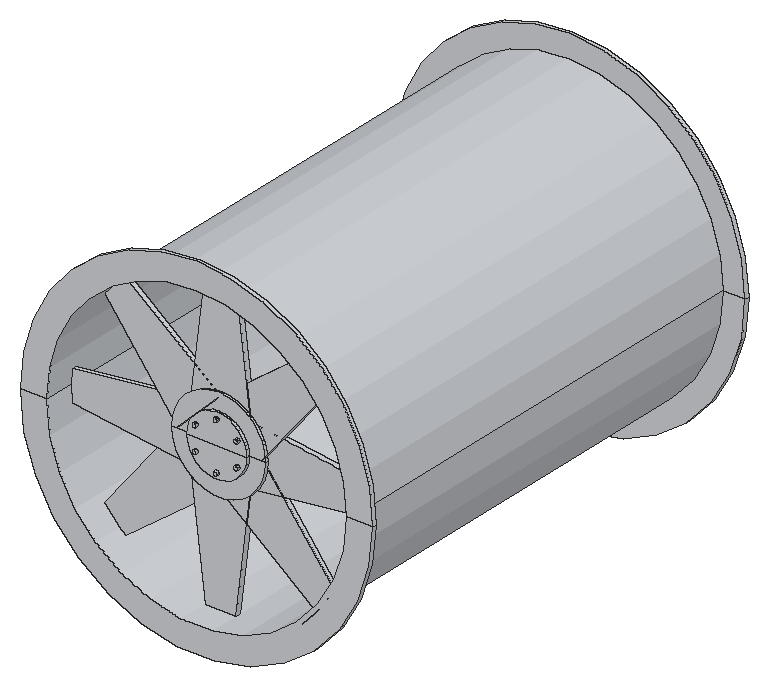
Revit family "CADS_Vent-Axia_MechEquip_Fan_BIFA_400_1Ph2P - EXTRACT", category Mechanical Equipment, Revit 2020
Family settings
  Round Connector Dimension = Use Diameter
  Part Type = Normal
  OmniClass Number = 23.75.00.00
  OmniClass Title = Climate Control (HVAC)
  Work Plane-Based = No
  Always vertical = Yes
  Cut with Voids When Loaded = No
  Shared = No
  Room Calculation Point = No
Parameters (values of type "BIFA401232")
  WorkingPressure = 0.0 Pa
  WarrantyStartDate [instance] = "1900-12-31T23:59:59"
  WarrantyPeriod = ""
  WarrantyIdentifier = "N/A"
  WarrantyGuarantorParts = "tech@vent-axia.com"
  WarrantyGuarantorLabor = "tech@vent-axia.com"
  WarrantyGuarantor = "Vent-Axia Limited"
  WarrantyEndDate [instance] = "1900-12-31T23:59:59"
  WarrantyContent = ""
  TemperatureRange = ""
  TagNumber [instance] = "N/A"
  SustainabilityPerformance = ""
  Status = "New"
  Size = ""
  Shape = ""
  ServiceLifeType = ""
  ServiceLifeDuration = ""
  SerialNumber [instance] = "N/A"
  ReplacementCost = ""
  RatedVoltage = 0 V
  RatedCurrent = 0 A
  Quantity = 1
  ProductionYear = ""
  PressureCurve = ""
  PowerFactor = ""
  PointOfContact = ""
  NumberOfPoles = 0
  NominalWidth = 400 mm
  NominalLength = 625 mm
  NominalHeight = 400 mm
  NominalFrequencyRange = ""
  NominalDiameter = 400 mm
  ModelReference = "BIF 400MM 1PH 2P 32DEG"
  ModelNumber = "BIFA401232"
  Material = ""
  ManufacturerE-Mail = "tech@vent-axia.com"
  ManufacturerAddress = "Fleming Way\nCrawley \nRH10 9YX"
  IsExtendedWarranty = no
  InsulationStandardClass = ""
  InstallationDate [instance] = "1900-12-31T23:59:59"
  IfcExportType [instance] = ""
  IfcExportAs = "IfcFanType"
  IP_Code = ""
  HasProtectiveEarth = no
  GrossWeight = 0.00 kg
  Grade = ""
  GlobalTradeItemNumber [instance] = "N/A"
  Fitting Type = "Ignore"
  Finish = ""
  Features = ""
  ExteriorInsulation = no
  ExpectedServiceLife = 0
  Exclusions = ""
  DurationUnit = "Year"
  Default Elevation = 0 mm
  Constituents = ""
  ConductorFunction = ""
  Color = ""
  CodePerformance = ""
  Category = ""
  CADS_Usage = 0
  CADS_Index = 0
  AssetType = "FIXED"
  AssetIdentifier [instance] = "N/A"
  AssemblyPlace = "UNKNOWN"
  ArticleNumber [instance] = "N/A"
  AirflowRateRange = 0.0 L/s
  Air Flow [instance] = 0.0 L/s
  AccessibilityPerformance = ""
Types (11, lengths in mm): name | ModelReference | ModelNumber
  BIFA401210 | "BIF 400MM 1PH 2P 10DEG" | "BIFA401210"
  BIFA401212 | "BIF 400MM 1PH 2P 12DEG" | "BIFA401212"
  BIFA401214 | "BIF 400MM 1PH 2P 14DEG" | "BIFA401214"
  BIFA401216 | "BIF 400MM 1PH 2P 16DEG" | "BIFA401216"
  BIFA401218 | "BIF 400MM 1PH 2P 18DEG" | "BIFA401218"
  BIFA401220 | "BIF 400MM 1PH 2P 20DEG" | "BIFA401220"
  BIFA401224 | "BIF 400MM 1PH 2P 24DEG" | "BIFA401224"
  BIFA401226 | "BIF 400MM 1PH 2P 26DEG" | "BIFA401226"
  BIFA401228 | "BIF 400MM 1PH 2P 28DEG" | "BIFA401228"
  BIFA401230 | "BIF 400MM 1PH 2P 30DEG" | "BIFA401230"
  BIFA401232 | "BIF 400MM 1PH 2P 32DEG" | "BIFA401232"
Reference planes
  plane 1 "Center (Front/Back)": y = 0
  plane 2: z = 0
  plane 3 "Center (Left/Right)": x = 0
  plane 4: x = -200
  plane 5: x = 200
  plane 6 "F": y = -312.5
  plane 7 "B": y = 312.5
  plane 8: x = -235
  plane 9: y = 307.5
  plane 10: y = -307.5
  plane 11: x = -205
  plane 12: y = -272.5
Forms (mm)
  Revolve 1, solid
    sketch origin (0, 0, 0) x (1, 0, 0) y (0, 1, 0)
      loop
        line (-235, -312.5) -> (-200, -312.5) -> (-200, 312.5) -> (-235, 312.5) -> (-235, 307.5) -> (-205, 307.5) -> (-205, -307.5) -> (-235, -307.5) -> (-235, -312.5)
      axis (0, 312.5) -> (0, -312.5)
    angle from 0 to 360
Dimensions and locks
  equal spacing: plane 4, plane 3 "Center (Left/Right)", plane 5
  equal spacing: plane 7 "B", plane 1 "Center (Front/Back)", plane 6 "F"
  "NominalLength": plane 7 "B" to plane 6 "F"
  "NominalDiameter": plane 4 to plane 5
  locked: plane 11 to plane 4 at 5
  locked: plane 8 to plane 11 at 30
  locked: plane 6 "F" to plane 10 at 5
  locked: plane 7 "B" to plane 9 at 5
  locked: plane 6 "F" to plane 12 at 40
  aligned and locked: level to plane 2
  aligned and locked: nested 1 to plane 12
Automatic sketch dimensions
  plane 6 "F" to Revolve 1 sketch curve = 0 mm
  Revolve 1 sketch curve to plane 8 = 0 mm  (x2)
  plane 10 to Revolve 1 sketch curve = 0 mm
  Revolve 1 sketch curve to plane 11 = 0 mm
  Revolve 1 sketch curve to plane 4 = 0 mm
  Revolve 1 sketch curve to plane 3 "Center (Left/Right)" = 0 mm
  plane 1 "Center (Front/Back)" to Revolve 1 sketch curve = 0 mm
  Revolve 1 sketch curve to plane 9 = 0 mm
  Revolve 1 sketch curve to plane 7 "B" = 0 mm
  plane 6 "F" to Revolve 1 sketch curve = 115 mm
Nested families
  nested 1: "Fan for BIFA" at (0, -272.5, 0), ND <- "NominalDiameter", type "Fan for BIFA"
    with hub 40 mm, ND 400 mm, BoltPCD 32 mm, Bolt Count 6, B_Diam 5 mm
  nested 2: "Bolts" at (27.713, -281.672, -16) x (-0.5, 0, -0.866) z (0, 1, 0), type "Bolts"
    with bd 5 mm
  nested 3: "Bolts" at (0, -281.672, -32) x (-1, 0, 0) z (0, 1, 0), type "Bolts"
    with bd 5 mm
  nested 4: "Bolts" at (-27.713, -281.672, -16) x (-0.5, 0, 0.866) z (0, 1, 0), type "Bolts"
    with bd 5 mm
  nested 5: "Bolts" at (-27.713, -281.672, 16) x (0.5, 0, 0.866) z (0, 1, 0), type "Bolts"
    with bd 5 mm
  nested 6: "Bolts" at (27.713, -281.672, 16) x (0.5, 0, -0.866) z (0, 1, 0), type "Bolts"
    with bd 5 mm
  nested 7: "Bolts" at (0, -281.672, 32) x (1, 0, 0) z (0, 1, 0), type "Bolts"
    with bd 5 mm
  nested 8: "BIFA Blade" at (0, -272.5, 0), type "BIFA Blade"
    with a 20.00°, HR 40 mm, HD 80 mm, BT 40 mm, BR 160 mm, BH 40 mm, BD 400 mm, BB 80 mm
  nested 9: "BIFA Blade" at (0, -272.5, 0) x (0.7071, 0, -0.7071) z (0.7071, 0, 0.7071), type "BIFA Blade"
    with a 20.00°, HR 40 mm, HD 80 mm, BT 40 mm, BR 160 mm, BH 40 mm, BD 400 mm, BB 80 mm
  nested 10: "BIFA Blade" at (0, -272.5, 0) x (0, 0, -1) z (1, 0, 0), type "BIFA Blade"
    with a 20.00°, HR 40 mm, HD 80 mm, BT 40 mm, BR 160 mm, BH 40 mm, BD 400 mm, BB 80 mm
  nested 11: "BIFA Blade" at (0, -272.5, 0) x (-0.7071, 0, -0.7071) z (0.7071, 0, -0.7071), type "BIFA Blade"
    with a 20.00°, HR 40 mm, HD 80 mm, BT 40 mm, BR 160 mm, BH 40 mm, BD 400 mm, BB 80 mm
  nested 12: "BIFA Blade" at (0, -272.5, 0) x (-1, 0, 0) z (0, 0, -1), type "BIFA Blade"
    with a 20.00°, HR 40 mm, HD 80 mm, BT 40 mm, BR 160 mm, BH 40 mm, BD 400 mm, BB 80 mm
  nested 13: "BIFA Blade" at (0, -272.5, 0) x (-0.7071, 0, -0.7071) z (-0.7071, 0, 0.7071), type "BIFA Blade"
    with a 20.00°, HR 40 mm, HD 80 mm, BT 40 mm, BR 160 mm, BH 40 mm, BD 400 mm, BB 80 mm
  nested 14: "BIFA Blade" at (0, -272.5, 0) x (0, 0, -1) z (-1, 0, 0), type "BIFA Blade"
    with a 20.00°, HR 40 mm, HD 80 mm, BT 40 mm, BR 160 mm, BH 40 mm, BD 400 mm, BB 80 mm
  nested 15: "BIFA Blade" at (0, -272.5, 0) x (0.7071, 0, -0.7071) z (-0.7071, 0, -0.7071), type "BIFA Blade"
    with a 20.00°, HR 40 mm, HD 80 mm, BT 40 mm, BR 160 mm, BH 40 mm, BD 400 mm, BB 80 mm
Connectors
  hvac at (0, -312.5, 0), driven by "NominalDiameter", driven by "Air Flow"
    settings: on Revolve 1, index 1, duct flow 0.0 L/s, flow factor 0, pres drop 0.0 Pa, loss coef 0, conn angle 0.00°, conn width 304.8 mm, conn height 304.8 mm, conn diameter 400 mm, duct sys type 2, conn prof type 0, flow config 0, flow direction 1, loss method 0, conn ref index -1, conn util no, is conn primary yes, conn desc ""
  hvac at (0, 312.5, 0), driven by "NominalDiameter", driven by "Air Flow"
    settings: on Revolve 1, index 2, duct flow 0.0 L/s, flow factor 0, pres drop 0.0 Pa, loss coef 0, conn angle 0.00°, conn width 304.8 mm, conn height 304.8 mm, conn diameter 400 mm, duct sys type 3, conn prof type 0, flow config 1, flow direction 2, loss method 0, conn ref index -1, conn util no, is conn primary no, conn desc ""
Definition of nested family "Fan for BIFA"
  Parameters (values of type "Fan for BIFA")
    hub [instance] = ND / 10  # 50 mm
    ND [instance] = 500 mm
    Model = "."
    Default Elevation = 0 mm
    BoltPCD [instance] = hub - (hub * 0.2)  # 40 mm
    Bolt Count [instance] = if(hub < 50 mm, 6, 8)  # 8
    B_Diam [instance] = if(hub < 50 mm, 5 mm, 10 mm)  # 10 mm
  Reference planes
    plane 1 "Center (Front/Back)": y = 0
    plane 2: z = 0
    plane 3 "Center (Left/Right)": x = 0
    plane 4 "back": y = 20
    plane 5 "bolts": y = -9.172
    plane 6 "B": z = 50
    plane 7: x = -72.587
    plane 8: x = -50
    plane 9 "hubface": y = -6.172
  Forms (mm)
    Revolve 1, solid
      sketch origin (0, 0, 0) x (1, 0, 0) y (0, 1, 0)
        loop
          line (0, 20) -> (-50, 20) -> (-50, 10.504) -> (-72.587, 10.504) -> (-72.587, -2.597) -> (-50, -2.597) -> (-50, -6.172) -> (0, -6.172) -> (0, 20)
        axis (0, 20) -> (0, -6.172)
      angle from 0 to 360
    Extrusion 2, solid, not visible
      sketch origin (0, -6.347, -4) x (-1, 0, 0) y (0, 0, 1)
        loop
          circle (0, 84) r 5
      from 0 to 3
  Lines and regions (mm)
    symbolic lines
      curve 1: circle (0, -9.172, 0) r 40 normal (0, 1, 0)
    model lines, not visible
      curve 2: line (0, -6.347, 85) -> (0, -6.347, 75)
  Dimensions and locks
    "hub": plane 6 "B" to plane 2
    "hub": nested 3 to plane 3 "Center (Left/Right)"
    "hub": nested 4 to plane 3 "Center (Left/Right)"
    "hub": nested 5 to plane 3 "Center (Left/Right)"
    "hub": plane 3 "Center (Left/Right)" to nested 6
    "hub": Revolve 1 sketch curve to Revolve 1 sketch curve
    "hub": plane 3 "Center (Left/Right)" to nested 7
    "hub": plane 3 "Center (Left/Right)" to nested 8
    "hub": plane 3 "Center (Left/Right)" to nested 9
    "hub": plane 8 to plane 3 "Center (Left/Right)"
    plane 7 to plane 8 = 22.587 mm
    diameter of Extrusion 2 sketch curve = 10 mm
    "BoltPCD": radius of curve 1
    "BoltPCD": radius of radial array
    aligned and locked: level to plane 2
    aligned and locked: plane 6 "B" to nested 1
  Automatic sketch dimensions
    Revolve 1 sketch curve to plane 7 = 0 mm
    Revolve 1 sketch curve to plane 8 = 0 mm  (x2)
    Revolve 1 sketch curve to plane 3 "Center (Left/Right)" = 0 mm
    Revolve 1 sketch curve to plane 9 "hubface" = 0 mm
    plane 4 "back" to Revolve 1 sketch curve = 0 mm
    plane 1 "Center (Front/Back)" to Revolve 1 sketch curve = 2.597 mm
    plane 4 "back" to Revolve 1 sketch curve = 9.496 mm
    plane 4 "back" to Revolve 1 sketch curve = 5 mm
    Revolve 1 sketch curve to Revolve 1 sketch curve = 45 mm
    curve 1 to level = 0 mm
    curve 1 to plane 3 "Center (Left/Right)" = 0 mm
  Nested families
    nested 1: "BIFA Blade" at (0, 0, 25), BD <- "ND", HD <- "hub", type "BIFA Blade"
      with a 20.00°, HR 25 mm, HD 50 mm, BT 25 mm, BR 100 mm, BH 40 mm, BD 250 mm, BB 50 mm
    nested 2: "BIFA Blade" at (0, 0, 55), BD <- "ND", HD <- "hub", type "BIFA Blade", not visible
      with a 20.00°, HR 25 mm, HD 50 mm, BT 25 mm, BR 100 mm, BH 40 mm, BD 250 mm, BB 50 mm
    nested 3: "BIFA Blade" at (17.678, 0, 17.678) x (0.7071, 0, -0.7071) z (0.7071, 0, 0.7071), BD <- "ND", HD <- "hub", type "BIFA Blade"
      with a 20.00°, HR 25 mm, HD 50 mm, BT 25 mm, BR 100 mm, BH 40 mm, BD 250 mm, BB 50 mm
    nested 4: "BIFA Blade" at (25, 0, 0) x (0, 0, -1) z (1, 0, 0), BD <- "ND", HD <- "hub", type "BIFA Blade"
      with a 20.00°, HR 25 mm, HD 50 mm, BT 25 mm, BR 100 mm, BH 40 mm, BD 250 mm, BB 50 mm
    nested 5: "BIFA Blade" at (17.678, 0, -17.678) x (-0.7071, 0, -0.7071) z (0.7071, 0, -0.7071), BD <- "ND", HD <- "hub", type "BIFA Blade"
      with a 20.00°, HR 25 mm, HD 50 mm, BT 25 mm, BR 100 mm, BH 40 mm, BD 250 mm, BB 50 mm
    nested 6: "BIFA Blade" at (0, 0, -25) x (-1, 0, 0) z (0, 0, -1), BD <- "ND", HD <- "hub", type "BIFA Blade"
      with a 20.00°, HR 25 mm, HD 50 mm, BT 25 mm, BR 100 mm, BH 40 mm, BD 250 mm, BB 50 mm
    nested 7: "BIFA Blade" at (-17.678, 0, 17.678) x (-0.7071, 0, -0.7071) z (-0.7071, 0, 0.7071), BD <- "ND", HD <- "hub", type "BIFA Blade"
      with a 20.00°, HR 25 mm, HD 50 mm, BT 25 mm, BR 100 mm, BH 40 mm, BD 250 mm, BB 50 mm
    nested 8: "BIFA Blade" at (-25, 0, 0) x (0, 0, -1) z (-1, 0, 0), BD <- "ND", HD <- "hub", type "BIFA Blade"
      with a 20.00°, HR 25 mm, HD 50 mm, BT 25 mm, BR 100 mm, BH 40 mm, BD 250 mm, BB 50 mm
    nested 9: "BIFA Blade" at (-17.678, 0, -17.678) x (0.7071, 0, -0.7071) z (-0.7071, 0, -0.7071), BD <- "ND", HD <- "hub", type "BIFA Blade"
      with a 20.00°, HR 25 mm, HD 50 mm, BT 25 mm, BR 100 mm, BH 40 mm, BD 250 mm, BB 50 mm
    nested 10: "Bolts" at (0, -9.172, 40) x (1, 0, 0) z (0, 1, 0), bd <- "B_Diam", type "Bolts"
      with bd 10 mm
    nested 11: "Bolts" at (28.284, -9.172, 28.284) x (0.7071, 0, -0.7071) z (0, 1, 0), bd <- "B_Diam", type "Bolts"
      with bd 10 mm
    nested 12: "Bolts" at (-28.284, -9.172, 28.284) x (0.7071, 0, 0.7071) z (0, 1, 0), bd <- "B_Diam", type "Bolts"
      with bd 10 mm
    nested 13: "Bolts" at (-40, -9.172, 0) x (0, 0, 1) z (0, 1, 0), bd <- "B_Diam", type "Bolts"
      with bd 10 mm
    nested 14: "Bolts" at (-28.284, -9.172, -28.284) x (-0.7071, 0, 0.7071) z (0, 1, 0), bd <- "B_Diam", type "Bolts"
      with bd 10 mm
    nested 15: "Bolts" at (0, -9.172, -40) x (-1, 0, 0) z (0, 1, 0), bd <- "B_Diam", type "Bolts"
      with bd 10 mm
    nested 16: "Bolts" at (28.284, -9.172, -28.284) x (-0.7071, 0, -0.7071) z (0, 1, 0), bd <- "B_Diam", type "Bolts"
      with bd 10 mm
    nested 17: "Bolts" at (40, -9.172, 0) x (0, 0, -1) z (0, 1, 0), bd <- "B_Diam", type "Bolts"
      with bd 10 mm
  Definition of nested family "BIFA Blade"
    Parameters (values of type "BIFA Blade")
      a [instance] = 20.00°
      HR [instance] = HD / 2  # 30 mm
      HD [instance] = BD / 5  # 60 mm
      Default Elevation = 1219.2 mm
      BT [instance] = BD / 10  # 30 mm
      BR [instance] = (BD / 2) - HR  # 120 mm
      BH [instance] = 40 mm
      BD [instance] = 300 mm
      BB [instance] = BD / 5  # 60 mm
    Reference planes
      plane 1 "Center (Front/Back)": y = 0
      plane 2: z = 0
      plane 3 "Center (Left/Right)": x = 0
      plane 4 "Blade Bot": z = 30
      plane 5: x = -30
      plane 6: x = 30
      plane 7: x = -15
      plane 8: x = 15
    Forms (mm)
      Blend 1, solid
        base sketch origin (0, 0, 30) x (-1, 0, 0) y (0, -1, 0)
          loop
            line (30, 0) -> (-30, 0) -> (-30, -6) -> (30, -6) -> (30, 0)
        top sketch origin (0, 0, 30) x (-1, 0, 0) y (0, -1, 0)
          loop
            line (15, -6) -> (15, 0) -> (-15, 0) -> (-15, -6) -> (15, -6)
        from 0 to 120 <- "BR"
    Dimensions and locks
      "HR": plane 4 "Blade Bot" to level
      equal spacing: plane 8, plane 3 "Center (Left/Right)", plane 7
      "BT": plane 8 to plane 7
      equal spacing: plane 6, plane 3 "Center (Left/Right)", plane 5
      "BB": plane 6 to plane 5
      aligned and locked: level to plane 2
    Automatic sketch dimensions
      plane 1 "Center (Front/Back)" to Blend 1 sketch curve = 0 mm  (x2)
      Blend 1 sketch curve to plane 6 = 0 mm
      Blend 1 sketch curve to plane 5 = 0 mm
      Blend 1 sketch curve to plane 1 "Center (Front/Back)" = 6 mm  (x2)
      Blend 1 sketch curve to plane 8 = 0 mm
      Blend 1 sketch curve to plane 7 = 0 mm
  Definition of nested family "Bolts"
    Parameters
      bd [instance] = 10 mm
      Default Elevation = 1219.2 mm
    Reference planes
      plane 1 "Center (Front/Back)": y = 0
      plane 2: z = 0
      plane 3 "Center (Left/Right)": x = 0
    Forms (mm)
      Extrusion 1, solid
        sketch origin (0, 0, 0) x (1, 0, 0) y (0, 1, 0)
          loop
            line (-1219.2, 1219.2) -> (-1219.2, -1219.2) -> (1219.2, -1219.2) -> (1219.2, 1219.2) -> (-1219.2, 1219.2)
        from 0 to -304.8
      Extrusion 2, solid
        sketch origin (0, 0, 0) x (1, 0, 0) y (0, 1, 0)
          loop
            circle (0, 0) r 5
        from 0 to 3
    Dimensions and locks
      "bd": diameter of Extrusion 2 sketch curve
      aligned and locked: plane 2 to Extrusion 1
      aligned and locked: level to Extrusion 1
    Automatic sketch dimensions
      Extrusion 1 sketch curve to Extrusion 1 sketch curve = 2438.4 mm  (x2)
      plane 1 "Center (Front/Back)" to Extrusion 2 sketch curve = 0 mm
      Extrusion 2 sketch curve to plane 3 "Center (Left/Right)" = 0 mm
Definition of nested family "Bolts"
  Parameters
    bd [instance] = 10 mm
    Default Elevation = 1219.2 mm
  Reference planes
    plane 1 "Center (Front/Back)": y = 0
    plane 2: z = 0
    plane 3 "Center (Left/Right)": x = 0
  Forms (mm)
    Extrusion 1, solid
      sketch origin (0, 0, 0) x (1, 0, 0) y (0, 1, 0)
        loop
          line (-1219.2, 1219.2) -> (-1219.2, -1219.2) -> (1219.2, -1219.2) -> (1219.2, 1219.2) -> (-1219.2, 1219.2)
      from 0 to -304.8
    Extrusion 2, solid
      sketch origin (0, 0, 0) x (1, 0, 0) y (0, 1, 0)
        loop
          circle (0, 0) r 5
      from 0 to 3
  Dimensions and locks
    "bd": diameter of Extrusion 2 sketch curve
    aligned and locked: plane 2 to Extrusion 1
    aligned and locked: level to Extrusion 1
  Automatic sketch dimensions
    Extrusion 1 sketch curve to Extrusion 1 sketch curve = 2438.4 mm  (x2)
    plane 1 "Center (Front/Back)" to Extrusion 2 sketch curve = 0 mm
    Extrusion 2 sketch curve to plane 3 "Center (Left/Right)" = 0 mm
Definition of nested family "BIFA Blade"
  Parameters (values of type "BIFA Blade")
    a [instance] = 20.00°
    HR [instance] = HD / 2  # 30 mm
    HD [instance] = BD / 5  # 60 mm
    Default Elevation = 1219.2 mm
    BT [instance] = BD / 10  # 30 mm
    BR [instance] = (BD / 2) - HR  # 120 mm
    BH [instance] = 40 mm
    BD [instance] = 300 mm
    BB [instance] = BD / 5  # 60 mm
  Reference planes
    plane 1 "Center (Front/Back)": y = 0
    plane 2: z = 0
    plane 3 "Center (Left/Right)": x = 0
    plane 4 "Blade Bot": z = 30
    plane 5: x = -30
    plane 6: x = 30
    plane 7: x = -15
    plane 8: x = 15
  Forms (mm)
    Blend 1, solid
      base sketch origin (0, 0, 30) x (-1, 0, 0) y (0, -1, 0)
        loop
          line (30, 0) -> (-30, 0) -> (-30, -6) -> (30, -6) -> (30, 0)
      top sketch origin (0, 0, 30) x (-1, 0, 0) y (0, -1, 0)
        loop
          line (15, -6) -> (15, 0) -> (-15, 0) -> (-15, -6) -> (15, -6)
      from 0 to 120 <- "BR"
  Dimensions and locks
    "HR": plane 4 "Blade Bot" to level
    equal spacing: plane 8, plane 3 "Center (Left/Right)", plane 7
    "BT": plane 8 to plane 7
    equal spacing: plane 6, plane 3 "Center (Left/Right)", plane 5
    "BB": plane 6 to plane 5
    aligned and locked: level to plane 2
  Automatic sketch dimensions
    plane 1 "Center (Front/Back)" to Blend 1 sketch curve = 0 mm  (x2)
    Blend 1 sketch curve to plane 6 = 0 mm
    Blend 1 sketch curve to plane 5 = 0 mm
    Blend 1 sketch curve to plane 1 "Center (Front/Back)" = 6 mm  (x2)
    Blend 1 sketch curve to plane 8 = 0 mm
    Blend 1 sketch curve to plane 7 = 0 mm
